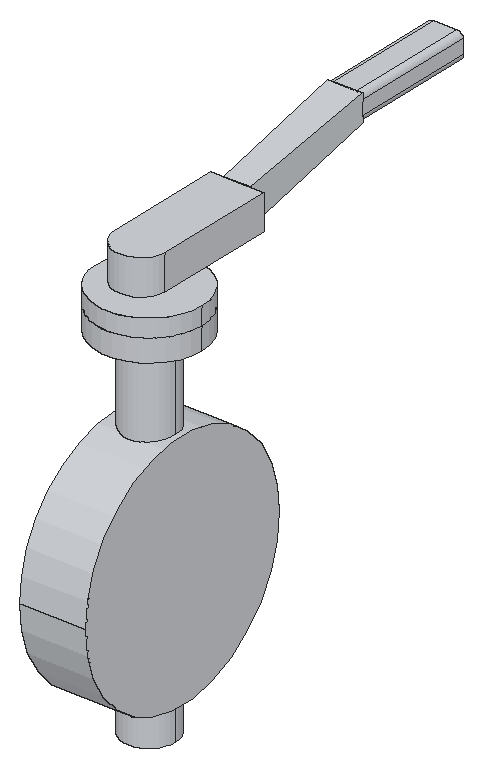
Revit family "HS497-68_disk-nerez_s pákou DN150-RFA_2018", category Pipe Accessories, Revit 2018
Family settings
  Round Connector Dimension = Use Diameter
  Part Type = Valve - Breaks Into
  Work Plane-Based = No
  Always vertical = Yes
  Cut with Voids When Loaded = No
  Shared = No
Parameters (values of type "HS 497-68_DN150_PN16_s pákou")
  magiProductId = "4d2835523fe84828bc50ff0a5a0dfb"
  magiProductFamilyId = "53cea81e6f374d17b8841d9c72ad77"
  magiPartTypeId = 305
  isMeasuringValve [instance] = no
  ang2D [instance] = 0.00°
  X11 = 61.456 mm
  X1 = 25.456 mm
  W2D = 1000 mm
  VersionID = "2.0/2017.9.26.1/ZETKAMA_497_001"
  Use Minimum Symbol Size [instance] = yes
  URL = "http://www.hydronic.cz"
  Type Comments = "mezipřírubová; nerezový disk; PN16; -10~+110°C (krátkodobě +120°C)"
  SW30 = no
  SW3 = no
  SW21 = no
  SW20 = yes
  SW2 = yes
  SW1 = no
  R = 75 mm
  QmdConnectorList = "301;D;302;D"
  Productdata [instance] = ""
  NC = 50 mm
  Manufacturer = "Hydronic Systems Prague s.r.o."
  MM20 = 25.456 mm
  MC Product Code = "121 150 (nerezový disk, s pákou; DN150; PN16, kvs1347)"
  M41 = 66 mm
  M4 = 44 mm
  LHL = 315 mm
  LHH3 = 3.75 mm
  LHH1 = 71.25 mm
  LH1 = 105 mm
  L4R__ve = -L4R  # -12.8 mm
  L4R = 12.8 mm
  L42__ve = -L42  # -96 mm
  L42 = 96 mm
  L41__ve = -L41  # -19.2 mm
  L41 = 19.2 mm
  L2D_Min = 3048 mm
  L2D = 216 mm
  L2 = 28 mm
  L1 = 44.8 mm
  L = 56 mm
  H = 33 mm
  G22 = 11.25 mm
  G2 = 22.5 mm
  G1 = 90 mm
  G = 90 mm
  F = 14 mm
  E44 = 31.25 mm
  E42 = 62.5 mm
  E4 = 125 mm
  E23 = 7.5 mm
  E22 = 30 mm
  E21 = 15 mm
  Description = "Mezipřírubová uzavírací klapka s pákou; nerezový disk, DN150; PN16; kvs1347"
  DR2 = 75 mm
  DR = 206 mm
  DD1 = 15.625 mm
  DD = 12.5 mm
  D = 150 mm
  CAT0 = yes
  B2__ve = -B2  # -58 mm
  B2 = 58 mm
  A2 = 19.3 mm
  A1 = 98.7 mm
Types (43, lengths in mm): name | magiProductId | X11 | X1 | Type Comments | SW30 | SW3 | SW20 | SW2 | SW1 | R | NC | Manufacturer | MM20 | MC Product Code | M41 | M4 | LHL | LHH3 | LHH1 | LH1 | L4R__ve | L4R | L42__ve | L42 | L41__ve | L41 | L2 | L1 | L | H | G | F | E44 | E42 | E4 | E23 | E22 | E21 | Description | DR2 | DR | DD1 | DD | D | B2__ve | B2 | A2 | A1
  HS 497-68_DN100_PN16_volné vřeteno | "65d1b245f4f142c78569c0602d5754" | 61.456 | 25.456 | "mezipřírubová; nerezový disk; PN16; -10~+110°C (krátkodobě +120°C)" | no | no | no | no | yes | 50 | 50 | "Hydronic Systems Prague s.r.o." | 25.456 | "124 100 (nerezový disk, s volným vřetenem; DN100; PN16, kvs512)" | 66 | 44 | 220 | 2.45 | 46.55 | 73.333 | -12.8 | 12.8 | -96 | 96 | -19.2 | 19.2 | 26 | 41.6 | 52 | 30 | 90 | 11 | 31.25 | 62.5 | 125 | 4.9 | 19.6 | 9.8 | "Mezipřírubová uzavírací klapka s volným vřetenem; nerezový disk, DN100; PN16; kvs512" | 50 | 147 | 15.625 | 12.5 | 100 | -56 | 56 | 16.5 | 98.5
  HS 497-68_DN100_PN16_převodové kolo | "11e91b807e674d428c8e796fcdcfe2" | 61.456 | 25.456 | "mezipřírubová; nerezový disk; PN16; -10~+110°C (krátkodobě +120°C)" | yes | yes | no | no | no | 50 | 50 | "Hydronic Systems Prague s.r.o." | 25.456 | "126 100 (nerezový disk, s převodovým kolem; DN100; PN16, kvs512)" | 65.25 | 43.5 | 220 | 2.45 | 46.55 | 73.333 | -12.8 | 12.8 | -96 | 96 | -19.2 | 19.2 | 26 | 41.6 | 52 | 30 | 90 | 11 | 31.25 | 62.5 | 125 | 4.9 | 19.6 | 9.8 | "Mezipřírubová uzavírací klapka s převodovým kolem; nerezový disk, DN100; PN16; kvs512" | 50 | 147 | 15.625 | 12.5 | 100 | -56 | 56 | 16.5 | 98.5
  HS 497-68_DN100_PN16_s pákou | "28172f0b3f4b47b28323ac71cf8749" | 61.456 | 25.456 | "mezipřírubová; nerezový disk; PN16; -10~+110°C (krátkodobě +120°C)" | no | no | yes | yes | no | 50 | 50 | "Hydronic Systems Prague s.r.o." | 25.456 | "121 100 (nerezový disk, s pákou; DN100; PN16, kvs512)" | 66 | 44 | 260 | 3 | 57 | 86.667 | -12.8 | 12.8 | -96 | 96 | -19.2 | 19.2 | 26 | 41.6 | 52 | 30 | 90 | 11 | 31.25 | 62.5 | 125 | 6 | 24 | 12 | "Mezipřírubová uzavírací klapka s pákou; nerezový disk, DN100; PN16; kvs512" | 50 | 147 | 15.625 | 12.5 | 100 | -56 | 56 | 16.5 | 98.5
  HS 497-68_DN125_PN16_volné vřeteno | "0d813d910fc14f628bb3c2efbd185c" | 61.456 | 25.456 | "mezipřírubová; nerezový disk; PN16; -10~+110°C (krátkodobě +120°C)" | no | no | no | no | yes | 62.5 | 50 | "Hydronic Systems Prague s.r.o." | 25.456 | "124 125 (nerezový disk, s volným vřetenem; DN125; PN16, kvs872)" | 66 | 44 | 220 | 2.45 | 46.55 | 73.333 | -12.8 | 12.8 | -96 | 96 | -19.2 | 19.2 | 28 | 44.8 | 56 | 33 | 90 | 14 | 31.25 | 62.5 | 125 | 4.9 | 19.6 | 9.8 | "Mezipřírubová uzavírací klapka s volným vřetenem; nerezový disk, DN125; PN16; kvs872" | 62.5 | 180 | 15.625 | 12.5 | 125 | -64 | 64 | 18 | 99.5
  HS 497-68_DN125_PN16_převodové kolo | "c56b7c13f372467684996fb1e0e229" | 61.456 | 25.456 | "mezipřírubová; nerezový disk; PN16; -10~+110°C (krátkodobě +120°C)" | yes | yes | no | no | no | 62.5 | 50 | "Hydronic Systems Prague s.r.o." | 25.456 | "126125 (nerezový disk, s převodovým kolem; DN125; PN16, kvs872)" | 65.25 | 43.5 | 220 | 2.45 | 46.55 | 73.333 | -13.5 | 13.5 | -101.25 | 101.25 | -20.25 | 20.25 | 28 | 44.8 | 56 | 33 | 90 | 14 | 40 | 80 | 160 | 4.9 | 19.6 | 9.8 | "Mezipřírubová uzavírací klapka s převodovým kolem; nerezový disk, DN125; PN16; kvs872" | 62.5 | 180 | 20 | 16 | 125 | -64 | 64 | 18 | 99.5
  HS 497-68_DN125_PN16_s pákou | "105993c79a91492399feef7931321a" | 61.456 | 25.456 | "mezipřírubová; nerezový disk; PN16; -10~+110°C (krátkodobě +120°C)" | no | no | yes | yes | no | 62.5 | 50 | "Hydronic Systems Prague s.r.o." | 25.456 | "121 125 (nerezový disk, s pákou; DN125; PN16, kvs872)" | 66 | 44 | 315 | 3.75 | 71.25 | 105 | -12.8 | 12.8 | -96 | 96 | -19.2 | 19.2 | 28 | 44.8 | 56 | 33 | 90 | 14 | 31.25 | 62.5 | 125 | 7.5 | 30 | 15 | "Mezipřírubová uzavírací klapka s pákou; nerezový disk, DN125; PN16; kvs872" | 62.5 | 180 | 15.625 | 12.5 | 125 | -64 | 64 | 18 | 99.5
  HS 497-68_DN150_PN16_volné vřeteno | "50c80cb8ab434f55ab7796e5ac1331" | 61.456 | 25.456 | "mezipřírubová; nerezový disk; PN16; -10~+110°C (krátkodobě +120°C)" | no | no | no | no | yes | 75 | 50 | "Hydronic Systems Prague s.r.o." | 25.456 | "124 150 (nerezový disk, s volným vřetenem; DN150; PN16, kvs1347)" | 66 | 44 | 220 | 2.45 | 46.55 | 73.333 | -12.8 | 12.8 | -96 | 96 | -19.2 | 19.2 | 28 | 44.8 | 56 | 33 | 90 | 14 | 31.25 | 62.5 | 125 | 4.9 | 19.6 | 9.8 | "Mezipřírubová uzavírací klapka s volným vřetenem; nerezový disk, DN150; PN16; kvs1347" | 75 | 206 | 15.625 | 12.5 | 150 | -58 | 58 | 19.3 | 98.7
  HS 497-68_DN150_PN16_převodové kolo | "d94a1a0cf83b476eb10011b327f709" | 61.456 | 25.456 | "mezipřírubová; nerezový disk; PN16; -10~+110°C (krátkodobě +120°C)" | yes | yes | no | no | no | 75 | 50 | "Hydronic Systems Prague s.r.o." | 25.456 | "126 150 (nerezový disk, s převodovým kolem; DN150; PN16, kvs1347)" | 65.25 | 43.5 | 220 | 2.45 | 46.55 | 73.333 | -13.5 | 13.5 | -101.25 | 101.25 | -20.25 | 20.25 | 28 | 44.8 | 56 | 33 | 90 | 14 | 40 | 80 | 160 | 4.9 | 19.6 | 9.8 | "Mezipřírubová uzavírací klapka s převodovým kolem; nerezový disk, DN150; PN16; kvs1347" | 75 | 206 | 20 | 16 | 150 | -58 | 58 | 19.3 | 98.7
  HS 497-68_DN150_PN16_s pákou | "4d2835523fe84828bc50ff0a5a0dfb" | 61.456 | 25.456 | "mezipřírubová; nerezový disk; PN16; -10~+110°C (krátkodobě +120°C)" | no | no | yes | yes | no | 75 | 50 | "Hydronic Systems Prague s.r.o." | 25.456 | "121 150 (nerezový disk, s pákou; DN150; PN16, kvs1347)" | 66 | 44 | 315 | 3.75 | 71.25 | 105 | -12.8 | 12.8 | -96 | 96 | -19.2 | 19.2 | 28 | 44.8 | 56 | 33 | 90 | 14 | 31.25 | 62.5 | 125 | 7.5 | 30 | 15 | "Mezipřírubová uzavírací klapka s pákou; nerezový disk, DN150; PN16; kvs1347" | 75 | 206 | 15.625 | 12.5 | 150 | -58 | 58 | 19.3 | 98.7
  HS 497-68_DN200_PN16_volné vřeteno | "5b29029eaeba47139ee1055a4b9201" | 61.456 | 25.456 | "mezipřírubová; nerezový disk; PN16; -10~+110°C (krátkodobě +120°C)" | no | no | no | no | yes | 100 | 50 | "Hydronic Systems Prague s.r.o." | 25.456 | "124 200 (nerezový disk, s volným vřetenem; DN200; PN16, kvs2675)" | 66 | 44 | 220 | 2.45 | 46.55 | 73.333 | -12.8 | 12.8 | -96 | 96 | -19.2 | 19.2 | 30 | 48 | 60 | 33 | 90 | 17 | 31.25 | 62.5 | 125 | 4.9 | 19.6 | 9.8 | "Mezipřírubová uzavírací klapka s volným vřetenem; nerezový disk, DN200; PN16; kvs2675" | 100 | 257 | 15.625 | 12.5 | 200 | -70 | 70 | 22.5 | 102.5
  HS 497-68_DN200_PN16_převodové kolo | "b2793cc1fcc44cf2a35062cd67c04f" | 61.456 | 25.456 | "mezipřírubová; nerezový disk; PN16; -10~+110°C (krátkodobě +120°C)" | yes | yes | no | no | no | 100 | 57 | "Hydronic Systems Prague s.r.o." | 25.456 | "126 200 (nerezový disk, s převodovým kolem; DN200; PN16, kvs2675)" | 78.75 | 52.5 | 220 | 2.45 | 46.55 | 73.333 | -15.2 | 15.2 | -114 | 114 | -22.8 | 22.8 | 30 | 48 | 60 | 33 | 90 | 17 | 50 | 100 | 200 | 4.9 | 19.6 | 9.8 | "Mezipřírubová uzavírací klapka s převodovým kolem; nerezový disk, DN200; PN16; kvs2675" | 100 | 257 | 25 | 20 | 200 | -70 | 70 | 22.5 | 102.5
  HS 497-68_DN200_PN16_s pákou | "f88d96c7af224537a51e72d7d8fffe" | 61.456 | 25.456 | "mezipřírubová; nerezový disk; PN16; -10~+110°C (krátkodobě +120°C)" | no | no | yes | yes | no | 100 | 50 | "Hydronic Systems Prague s.r.o." | 25.456 | "121 200 (nerezový disk, s pákou; DN200; PN16, kvs2675)" | 66 | 44 | 315 | 3.75 | 71.25 | 105 | -12.8 | 12.8 | -96 | 96 | -19.2 | 19.2 | 30 | 48 | 60 | 33 | 90 | 17 | 31.25 | 62.5 | 125 | 7.5 | 30 | 15 | "Mezipřírubová uzavírací klapka s pákou; nerezový disk, DN200; PN16; kvs2675" | 100 | 257 | 15.625 | 12.5 | 200 | -70 | 70 | 22.5 | 102.5
  HS 497-68_DN250_PN16_volné vřeteno | "b662e8305ca2402b9c510e66e6aa55" | 88.77 | 36.77 | "mezipřírubová; nerezový disk; PN16; -10~+110°C (krátkodobě +120°C)" | no | no | no | no | yes | 125 | 50 | "Hydronic Systems Prague s.r.o." | 36.77 | "124 250 (nerezový disk, s volným vřetenem; DN250; PN16, kvs4555)" | 66 | 44 | 220 | 2.45 | 46.55 | 73.333 | -12.8 | 12.8 | -96 | 96 | -19.2 | 19.2 | 34 | 54.4 | 68 | 23 | 130 | 22 | 31.25 | 62.5 | 125 | 4.9 | 19.6 | 9.8 | "Mezipřírubová uzavírací klapka s volným vřetenem; nerezový disk, DN250; PN16; kvs4555" | 125 | 324 | 15.625 | 12.5 | 250 | -85 | 85 | 28.25 | 129.25
  HS 497-68_DN250_PN16_převodové kolo | "5ee9016806664ddfaa2632711f295c" | 88.77 | 36.77 | "mezipřírubová; nerezový disk; PN16; -10~+110°C (krátkodobě +120°C)" | yes | yes | no | no | no | 125 | 70 | "Hydronic Systems Prague s.r.o." | 36.77 | "126 250 (nerezový disk, s převodovým kolem; DN250; PN16, kvs4555)" | 91.5 | 61 | 220 | 2.45 | 46.55 | 73.333 | -22.2 | 22.2 | -166.5 | 166.5 | -33.3 | 33.3 | 34 | 54.4 | 68 | 23 | 130 | 22 | 62.5 | 125 | 250 | 4.9 | 19.6 | 9.8 | "Mezipřírubová uzavírací klapka s převodovým kolem; nerezový disk, DN250; PN16; kvs4555" | 125 | 324 | 31.25 | 25 | 250 | -85 | 85 | 28.25 | 129.25
  HS 497-68_DN300_PN16_volné vřeteno | "e1886f51ff004380a649519258edf2" | 88.77 | 36.77 | "mezipřírubová; nerezový disk; PN16; -10~+110°C (krátkodobě +120°C)" | no | no | no | no | yes | 150 | 50 | "Hydronic Systems Prague s.r.o." | 36.77 | "124 300 (nerezový disk, s volným vřetenem; DN300; PN16, kvs7037)" | 66 | 44 | 220 | 2.45 | 46.55 | 73.333 | -12.8 | 12.8 | -96 | 96 | -19.2 | 19.2 | 39 | 62.4 | 78 | 23 | 130 | 22 | 31.25 | 62.5 | 125 | 4.9 | 19.6 | 9.8 | "Mezipřírubová uzavírací klapka s volným vřetenem; nerezový disk, DN300; PN16; kvs7037" | 150 | 376 | 15.625 | 12.5 | 300 | -90 | 90 | 30.8 | 127.2
  HS 497-68_DN300_PN16_převodové kolo | "6860f094f77d42088fbebc3c97f755" | 88.77 | 36.77 | "mezipřírubová; nerezový disk; PN16; -10~+110°C (krátkodobě +120°C)" | yes | yes | no | no | no | 150 | 70 | "Hydronic Systems Prague s.r.o." | 36.77 | "126 300 (nerezový disk, s převodovým kolem; DN300; PN16, kvs7037)" | 91.5 | 61 | 220 | 2.45 | 46.55 | 73.333 | -22.2 | 22.2 | -166.5 | 166.5 | -33.3 | 33.3 | 39 | 62.4 | 78 | 23 | 130 | 22 | 62.5 | 125 | 250 | 4.9 | 19.6 | 9.8 | "Mezipřírubová uzavírací klapka s převodovým kolem; nerezový disk, DN300; PN16; kvs7037" | 150 | 376 | 31.25 | 25 | 300 | -90 | 90 | 30.8 | 127.2
  HS 497-68_DN032_PN16_volné vřeteno | "8c5f65de52aa4067a77564107e31b2" | 61.456 | 25.456 | "mezipřírubová; nerezový disk; PN16; -10~+110°C (krátkodobě +120°C)" | no | no | no | no | yes | 16 | 50 | "Hydronic Systems Prague s.r.o." | 25.456 | "124 032 (nerezový disk, s volným vřetenem; DN32; PN16, kvs78)" | 66 | 44 | 220 | 2.45 | 46.55 | 73.333 | -12.8 | 12.8 | -96 | 96 | -19.2 | 19.2 | 16.5 | 26.4 | 33 | 30 | 90 | 11 | 31.25 | 62.5 | 125 | 4.9 | 19.6 | 9.8 | "Mezipřírubová uzavírací klapka s volným vřetenem; nerezový disk, DN32; PN16; kvs78" | 16 | 68 | 15.625 | 12.5 | 32 | -44.2 | 44.2 | 10.25 | 76.25
  HS 497-68_DN032_PN16_převodové kolo | "60aaeffa8b3a4e809ef000e4660060" | 61.456 | 25.456 | "mezipřírubová; nerezový disk; PN16; -10~+110°C (krátkodobě +120°C)" | yes | yes | no | no | no | 16 | 50 | "Hydronic Systems Prague s.r.o." | 25.456 | "126 032 (nerezový disk, s převodovým kolem; DN32; PN16, kvs78)" | 65.25 | 43.5 | 220 | 2.45 | 46.55 | 73.333 | -12.8 | 12.8 | -96 | 96 | -19.2 | 19.2 | 16.5 | 26.4 | 33 | 30 | 90 | 11 | 31.25 | 62.5 | 125 | 4.9 | 19.6 | 9.8 | "Mezipřírubová uzavírací klapka s převodovým kolem; nerezový disk, DN32; PN16; kvs78" | 16 | 68 | 15.625 | 12.5 | 32 | -44.2 | 44.2 | 10.25 | 76.25
  HS 497-68_DN032_PN16_s pákou | "9ad8088d610749a1b871aa2aad8007" | 61.456 | 25.456 | "mezipřírubová; nerezový disk; PN16; -10~+110°C (krátkodobě +120°C)" | no | no | yes | yes | no | 16 | 50 | "Hydronic Systems Prague s.r.o." | 25.456 | "121 032 (nerezový disk, s pákou; DN32; PN16, kvs78)" | 66 | 44 | 220 | 2.45 | 46.55 | 73.333 | -12.8 | 12.8 | -96 | 96 | -19.2 | 19.2 | 16.5 | 26.4 | 33 | 30 | 90 | 11 | 31.25 | 62.5 | 125 | 4.9 | 19.6 | 9.8 | "Mezipřírubová uzavírací klapka s pákou; nerezový disk, DN32; PN16; kvs78" | 16 | 68 | 15.625 | 12.5 | 32 | -44.2 | 44.2 | 10.25 | 76.25
  HS 497-68_DN350_PN10_volné vřeteno | "72a1e05f22944421b7e9596a877137" | 109.255 | 45.255 | "mezipřírubová; nerezový disk; PN10; -10~+110°C (krátkodobě +120°C)" | no | no | no | no | yes | 175 | 50 | "Hydronic Systems Prague s.r.o." | 45.255 | "124 350 (nerezový disk, s volným vřetenem; DN350; PN10, kvs10165)" | 66 | 44 | 220 | 2.45 | 46.55 | 73.333 | -12.8 | 12.8 | -96 | 96 | -19.2 | 19.2 | 39 | 62.4 | 78 | 31 | 160 | 22 | 31.25 | 62.5 | 125 | 4.9 | 19.6 | 9.8 | "Mezipřírubová uzavírací klapka s volným vřetenem; nerezový disk, DN350; PN10; kvs10165" | 175 | 430 | 15.625 | 12.5 | 350 | -88 | 88 | 33.85 | 129.65
  HS 497-68_DN350_PN10_převodové kolo | "a5a01426cb28494ba3afca92f1dace" | 109.255 | 45.255 | "mezipřírubová; nerezový disk; PN10; -10~+110°C (krátkodobě +120°C)" | yes | yes | no | no | no | 175 | 70 | "Hydronic Systems Prague s.r.o." | 45.255 | "126 350 (nerezový disk, s převodovým kolem; DN350; PN10, kvs10165)" | 91.5 | 61 | 220 | 2.45 | 46.55 | 73.333 | -22.2 | 22.2 | -166.5 | 166.5 | -33.3 | 33.3 | 39 | 62.4 | 78 | 31 | 160 | 22 | 62.5 | 125 | 250 | 4.9 | 19.6 | 9.8 | "Mezipřírubová uzavírací klapka s převodovým kolem; nerezový disk, DN350; PN10; kvs10165" | 175 | 430 | 31.25 | 25 | 350 | -88 | 88 | 33.85 | 129.65
  HS 497-68_DN400_PN10_volné vřeteno | "c70ebeb927c04ab99b176e257ad0a7" | 109.255 | 45.255 | "mezipřírubová; nerezový disk; PN10; -10~+110°C (krátkodobě +120°C)" | no | no | no | no | yes | 200 | 50 | "Hydronic Systems Prague s.r.o." | 45.255 | "124 400 (nerezový disk, s volným vřetenem; DN400; PN10, kvs13799)" | 66 | 44 | 220 | 2.45 | 46.55 | 73.333 | -12.8 | 12.8 | -96 | 96 | -19.2 | 19.2 | 51 | 81.6 | 102 | 31 | 160 | 27 | 31.25 | 62.5 | 125 | 4.9 | 19.6 | 9.8 | "Mezipřírubová uzavírací klapka s volným vřetenem; nerezový disk, DN400; PN10; kvs13799" | 200 | 485 | 15.625 | 12.5 | 400 | -108 | 108 | 38 | 142
  HS 497-68_DN400_PN10_převodové kolo | "cc64a4384dcb41b780d81810f4f293" | 109.255 | 45.255 | "mezipřírubová; nerezový disk; PN10; -10~+110°C (krátkodobě +120°C)" | yes | yes | no | no | no | 200 | 72.5 | "Hydronic Systems Prague s.r.o." | 45.255 | "126 400 (nerezový disk, s převodovým kolem; DN400; PN10, kvs13799)" | 103.5 | 69 | 220 | 2.45 | 46.55 | 73.333 | -27.8 | 27.8 | -208.5 | 208.5 | -41.7 | 41.7 | 51 | 81.6 | 102 | 31 | 160 | 27 | 75 | 150 | 300 | 4.9 | 19.6 | 9.8 | "Mezipřírubová uzavírací klapka s převodovým kolem; nerezový disk, DN400; PN10; kvs13799" | 200 | 485 | 37.5 | 30 | 400 | -108 | 108 | 38 | 142
  HS 497-68_DN040_PN16_volné vřeteno | "35f92312390745e88df5b5c325d9ee" | 61.456 | 25.456 | "mezipřírubová; nerezový disk; PN16; -10~+110°C (krátkodobě +120°C)" | no | no | no | no | yes | 20 | 50 | "Hydronic Systems Prague s.r.o." | 25.456 | "124 040 (nerezový disk, s volným vřetenem; DN40; PN16, kvs78)" | 66 | 44 | 220 | 2.45 | 46.55 | 73.333 | -12.8 | 12.8 | -96 | 96 | -19.2 | 19.2 | 16.5 | 26.4 | 33 | 30 | 90 | 11 | 31.25 | 62.5 | 125 | 4.9 | 19.6 | 9.8 | "Mezipřírubová uzavírací klapka s volným vřetenem; nerezový disk, DN40; PN16; kvs78" | 20 | 76 | 15.625 | 12.5 | 40 | -36 | 36 | 11 | 79
  HS 497-68_DN040_PN16_převodové kolo | "d88e968eae3445bc9b7b4e6ff35127" | 61.456 | 25.456 | "mezipřírubová; nerezový disk; PN16; -10~+110°C (krátkodobě +120°C)" | yes | yes | no | no | no | 20 | 50 | "Hydronic Systems Prague s.r.o." | 25.456 | "126 040 (nerezový disk, s převodovým kolem; DN40; PN16, kvs78)" | 65.25 | 43.5 | 220 | 2.45 | 46.55 | 73.333 | -12.8 | 12.8 | -96 | 96 | -19.2 | 19.2 | 16.5 | 26.4 | 33 | 30 | 90 | 11 | 31.25 | 62.5 | 125 | 4.9 | 19.6 | 9.8 | "Mezipřírubová uzavírací klapka s převodovým kolem; nerezový disk, DN40; PN16; kvs78" | 20 | 76 | 15.625 | 12.5 | 40 | -36 | 36 | 11 | 79
  HS 497-68_DN040_PN16_s pákou | "c1b522ca65b4407a98818f232eaacb" | 61.456 | 25.456 | "mezipřírubová; nerezový disk; PN16; -10~+110°C (krátkodobě +120°C)" | no | no | yes | yes | no | 20 | 50 | "Hydronic Systems Prague s.r.o." | 25.456 | "121 040 (nerezový disk, s pákou; DN40; PN16, kvs78)" | 66 | 44 | 220 | 2.45 | 46.55 | 73.333 | -12.8 | 12.8 | -96 | 96 | -19.2 | 19.2 | 16.5 | 26.4 | 33 | 30 | 90 | 11 | 31.25 | 62.5 | 125 | 4.9 | 19.6 | 9.8 | "Mezipřírubová uzavírací klapka s pákou; nerezový disk, DN40; PN16; kvs78" | 20 | 76 | 15.625 | 12.5 | 40 | -36 | 36 | 11 | 79
  HS 497-68_DN450_PN10_volné vřeteno | "a8358bc282f14872b3194e530e590a" | 129.74 | 53.74 | "mezipřírubová; nerezový disk; PN10; -10~+110°C (krátkodobě +120°C)" | no | no | no | no | yes | 225 | 50 | "Hydronic Systems Prague s.r.o." | 53.74 | "124 450 (nerezový disk, s volným vřetenem; DN450; PN10, kvs18514)" | 66 | 44 | 220 | 2.45 | 46.55 | 73.333 | -12.8 | 12.8 | -96 | 96 | -19.2 | 19.2 | 57 | 91.2 | 114 | 38 | 190 | 36 | 31.25 | 62.5 | 125 | 4.9 | 19.6 | 9.8 | "Mezipřírubová uzavírací klapka s volným vřetenem; nerezový, DN450; PN10; kvs18514" | 225 | 536 | 15.625 | 12.5 | 450 | -115 | 115 | 38.05 | 117.45
  HS 497-68_DN450_PN10_převodové kolo | "cdf2d80f54a9414f9cbe50647c0ebd" | 129.74 | 53.74 | "mezipřírubová; nerezový disk; PN10; -10~+110°C (krátkodobě +120°C)" | yes | yes | no | no | no | 225 | 91.5 | "Zetkama" | 53.74 | "126 450 (nerezový disk, s převodovým kolem; DN450; PN10, kvs18514)" | 144.75 | 96.5 | 220 | 2.45 | 46.55 | 73.333 | -32.1 | 32.1 | -240.75 | 240.75 | -48.15 | 48.15 | 57 | 91.2 | 114 | 38 | 190 | 36 | 100 | 200 | 400 | 4.9 | 19.6 | 9.8 | "Mezipřírubová uzavírací klapka s převodovým kolem; nerezový disk, DN450; PN10; kvs18514" | 225 | 536 | 50 | 40 | 450 | -115 | 115 | 38.05 | 117.45
  HS 497-68_DN500_PN10_volné vřeteno | "8c396e27bb2743f98f3c762b6517cd" | 143.397 | 59.397 | "mezipřírubová; nerezový disk; PN10; -10~+110°C (krátkodobě +120°C)" | no | no | no | no | yes | 250 | 50 | "Hydronic Systems Prague s.r.o." | 59.397 | "124 500 (nerezový disk, s volným vřetenem; DN500; PN10, kvs23805)" | 66 | 44 | 220 | 2.45 | 46.55 | 73.333 | -12.8 | 12.8 | -96 | 96 | -19.2 | 19.2 | 63.5 | 101.6 | 127 | 38 | 210 | 36 | 31.25 | 62.5 | 125 | 4.9 | 19.6 | 9.8 | "Mezipřírubová uzavírací klapka s volným vřetenem; nerezový disk, DN500; PN10; kvs23805" | 250 | 593 | 15.625 | 12.5 | 500 | -130 | 130 | 43.25 | 139.25
  HS 497-68_DN500_PN10_převodové kolo | "7647804f32e94cef828a7034a91a46" | 143.397 | 59.397 | "mezipřírubová; nerezový disk; PN10; -10~+110°C (krátkodobě +120°C)" | yes | yes | no | no | no | 250 | 91.5 | "Zetkama" | 59.397 | "126 500 (nerezový disk, s převodovým kolem; DN500; PN10, kvs23805)" | 144.75 | 96.5 | 220 | 2.45 | 46.55 | 73.333 | -32.1 | 32.1 | -240.75 | 240.75 | -48.15 | 48.15 | 63.5 | 101.6 | 127 | 38 | 210 | 36 | 100 | 200 | 400 | 4.9 | 19.6 | 9.8 | "Mezipřírubová uzavírací klapka s převodovým kolem; nerezový disk, DN500; PN10; kvs23805" | 250 | 593 | 50 | 40 | 500 | -130 | 130 | 43.25 | 139.25
  HS 497-68_DN050_volné vřeteno | "d71f296ecd6d4adf8f6e5d9853b4e0" | 61.456 | 25.456 | "mezipřírubová; nerezový disk; PN16; -10~+110°C (krátkodobě +120°C)" | no | no | no | no | yes | 25 | 50 | "Hydronic Systems Prague s.r.o." | 25.456 | "124 050 (nerezový disk, s volným vřetenem; DN50; PN16, kvs98)" | 66 | 44 | 220 | 2.45 | 46.55 | 73.333 | -12.8 | 12.8 | -96 | 96 | -19.2 | 19.2 | 21.5 | 34.4 | 43 | 30 | 90 | 11 | 31.25 | 62.5 | 125 | 4.9 | 19.6 | 9.8 | "Mezipřírubová uzavírací klapka s volným vřetenem; nerezový disk, DN50; PN16; kvs98" | 25 | 100 | 15.625 | 12.5 | 50 | -36.5 | 36.5 | 12 | 83
  HS 497-68_DN050_PN16_převodové kolo | "2fb080deeaed49c58418b94c1da5a4" | 61.456 | 25.456 | "mezipřírubová; nerezový disk; PN16; -10~+110°C (krátkodobě +120°C)" | yes | yes | no | no | no | 25 | 50 | "Hydronic Systems Prague s.r.o." | 25.456 | "126 050 (nerezový disk, s převodovým kolem; DN50; PN16, kvs98)" | 65.25 | 43.5 | 220 | 2.45 | 46.55 | 73.333 | -12.8 | 12.8 | -96 | 96 | -19.2 | 19.2 | 21.5 | 34.4 | 43 | 30 | 90 | 11 | 31.25 | 62.5 | 125 | 4.9 | 19.6 | 9.8 | "Mezipřírubová uzavírací klapka s převodovým kolem; nerezový disk, DN50; PN16; kvs98" | 25 | 100 | 15.625 | 12.5 | 50 | -36.5 | 36.5 | 12 | 83
  HS 497-68_DN050_PN16_s pákou | "dabc632061f94877a994b9b4e68112" | 61.456 | 25.456 | "mezipřírubová; nerezový disk; PN16; -10~+110°C (krátkodobě +120°C)" | no | no | yes | yes | no | 25 | 50 | "Hydronic Systems Prague s.r.o." | 25.456 | "121 050 (nerezový disk, s pákou; DN50; PN16, kvs98)" | 66 | 44 | 220 | 2.45 | 46.55 | 73.333 | -12.8 | 12.8 | -96 | 96 | -19.2 | 19.2 | 21.5 | 34.4 | 43 | 30 | 90 | 11 | 31.25 | 62.5 | 125 | 4.9 | 19.6 | 9.8 | "Mezipřírubová uzavírací klapka s pákou; nerezový disk, DN50; PN16; kvs98" | 25 | 100 | 15.625 | 12.5 | 50 | -36.5 | 36.5 | 12 | 83
  HS 497-68_DN600_PN10_volné vřeteno | "99d5892c14664fce81a7c5903f7711" | 143.397 | 59.397 | "mezipřírubová; nerezový disk; PN10; -10~+110°C (krátkodobě +120°C)" | no | no | no | no | yes | 300 | 50 | "Hydronic Systems Prague s.r.o." | 59.397 | "124 600 (nerezový disk, s volným vřetenem; DN600; PN10, kvs36778)" | 66 | 44 | 220 | 2.45 | 46.55 | 73.333 | -12.8 | 12.8 | -96 | 96 | -19.2 | 19.2 | 77 | 123.2 | 154 | 80 | 210 | 60 | 31.25 | 62.5 | 125 | 4.9 | 19.6 | 9.8 | "Mezipřírubová uzavírací klapka s volným vřetenem; nerezový disk, DN600; PN10; kvs36788" | 300 | 690 | 15.625 | 12.5 | 600 | -140 | 140 | 49.4 | 144.6
  HS 497-68_DN600_PN10_převodové kolo | "b1e26faab48a4c499f6bb11e7e3002" | 143.397 | 59.397 | "mezipřírubová; lnerezový disk; PN10; -10~+110°C (krátkodobě +120°C)" | yes | yes | no | no | no | 300 | 140 | "Hydronic Systems Prague s.r.o." | 59.397 | "126 600 (nerezový disk, s převodovým kolem; DN600; PN10, kvs36778)" | 206.25 | 137.5 | 220 | 2.45 | 46.55 | 73.333 | -40.8 | 40.8 | -306 | 306 | -61.2 | 61.2 | 77 | 123.2 | 154 | 80 | 210 | 60 | 125 | 250 | 500 | 4.9 | 19.6 | 9.8 | "Mezipřírubová uzavírací klapka s převodovým kolem; nerezový disk, DN600; PN10; kvs36788" | 300 | 690 | 62.5 | 50 | 600 | -140 | 140 | 49.4 | 144.6
  HS 497-68_DN065_PN16_volné vřeteno | "5e5e208646e34ec29f889baab5d08e" | 61.456 | 25.456 | "mezipřírubová; lnerezový disk; PN16; -10~+110°C (krátkodobě +120°C)" | no | no | no | no | yes | 32.5 | 50 | "Hydronic Systems Prague s.r.o." | 25.456 | "124 065 (nerezový disk, s volným vřetenem; DN65; PN16, kvs167)" | 66 | 44 | 220 | 2.45 | 46.55 | 73.333 | -12.8 | 12.8 | -96 | 96 | -19.2 | 19.2 | 23 | 36.8 | 46 | 30 | 90 | 11 | 31.25 | 62.5 | 125 | 4.9 | 19.6 | 9.8 | "Mezipřírubová uzavírací klapka s volným vřetenem; nerezový disk, DN65; PN16; kv167" | 32.5 | 108 | 15.625 | 12.5 | 65 | -36.5 | 36.5 | 13.5 | 89
  HS 497-68_DN065_PN16_převodové kolo | "654d74c8d15540b0bfe523d988ccb3" | 61.456 | 25.456 | "mezipřírubová; nerezový disk; PN16; -10~+110°C (krátkodobě +120°C)" | yes | yes | no | no | no | 32.5 | 50 | "Hydronic Systems Prague s.r.o." | 25.456 | "126 065 (nerezový disk, s převodovým kolem; DN65; PN16, kvs167)" | 65.25 | 43.5 | 220 | 2.45 | 46.55 | 73.333 | -12.8 | 12.8 | -96 | 96 | -19.2 | 19.2 | 23 | 36.8 | 46 | 30 | 90 | 11 | 31.25 | 62.5 | 125 | 4.9 | 19.6 | 9.8 | "Mezipřírubová uzavírací klapka s převodovým kolem; nerezový disk, DN65; PN16; kvs167" | 32.5 | 108 | 15.625 | 12.5 | 65 | -36.5 | 36.5 | 13.5 | 89
  HS 497-68_DN065_PN16_s pákou | "ebeb4b59db0641caaf6d6635ab37b9" | 61.456 | 25.456 | "mezipřírubová; nerezový disk; PN16; -10~+110°C (krátkodobě +120°C)" | no | no | yes | yes | no | 32.5 | 50 | "Hydronic Systems Prague s.r.o." | 25.456 | "121 065 (nerezový disk, s pákou; DN65; PN16, kvs167)" | 66 | 44 | 220 | 2.45 | 46.55 | 73.333 | -12.8 | 12.8 | -96 | 96 | -19.2 | 19.2 | 23 | 36.8 | 46 | 30 | 90 | 11 | 31.25 | 62.5 | 125 | 4.9 | 19.6 | 9.8 | "Mezipřírubová uzavírací klapka s pákou; nerezový disk, DN65; PN16; kvs167" | 32.5 | 108 | 15.625 | 12.5 | 65 | -36.5 | 36.5 | 13.5 | 89
  HS 497-68_DN080_PN16_volné vřeteno | "9e85c75c18654e1185a9c48ed6b00e" | 61.456 | 25.456 | "mezipřírubová; nerezový disk; PN16; -10~+110°C (krátkodobě +120°C)" | no | no | no | no | yes | 40 | 50 | "Hydronic Systems Prague s.r.o." | 25.456 | "124 080 (nerezový disk, s volným vřetenem; DN80; PN16, kvs258)" | 66 | 44 | 220 | 2.45 | 46.55 | 73.333 | -12.8 | 12.8 | -96 | 96 | -19.2 | 19.2 | 23 | 36.8 | 46 | 30 | 90 | 11 | 31.25 | 62.5 | 125 | 4.9 | 19.6 | 9.8 | "Mezipřírubová uzavírací klapka s volným vřetenem; nerezový disk, DN80; PN16; kvs258" | 40 | 124 | 15.625 | 12.5 | 80 | -54 | 54 | 14.1 | 86.9
  HS 497-68_DN080_PN16_převodové kolo | "5b3c8238c3d041e68c75b199e7ea46" | 61.456 | 25.456 | "mezipřírubová; nerezový disk; PN16; -10~+110°C (krátkodobě +120°C)" | yes | yes | no | no | no | 40 | 50 | "Hydronic Systems Prague s.r.o." | 25.456 | "126 080 (nerezový disk, s převodovým kolem; DN80; PN16, kvs258)" | 65.25 | 43.5 | 220 | 2.45 | 46.55 | 73.333 | -12.8 | 12.8 | -96 | 96 | -19.2 | 19.2 | 23 | 36.8 | 46 | 30 | 90 | 11 | 31.25 | 62.5 | 125 | 4.9 | 19.6 | 9.8 | "Mezipřírubová uzavírací klapka s převodovým kolem; nerezový disk, DN80; PN16; kvs258" | 40 | 124 | 15.625 | 12.5 | 80 | -54 | 54 | 14.1 | 86.9
  HS 497-68_DN080_PN16_s pákou | "e414795fab0f4eccb99bc3572c5477" | 61.456 | 25.456 | "mezipřírubová; nerezový disk; PN16; -10~+110°C (krátkodobě +120°C)" | no | no | yes | yes | no | 40 | 50 | "Hydronic Systems Prague s.r.o." | 25.456 | "121 080 (nerezový disk, s pákou; DN80; PN16, kvs258)" | 66 | 44 | 260 | 3 | 57 | 86.667 | -12.8 | 12.8 | -96 | 96 | -19.2 | 19.2 | 23 | 36.8 | 46 | 30 | 90 | 11 | 31.25 | 62.5 | 125 | 6 | 24 | 12 | "Mezipřírubová uzavírací klapka s pákou; nerezový disk, DN80; PN16; kvs258" | 40 | 124 | 15.625 | 12.5 | 80 | -54 | 54 | 14.1 | 86.9
  HS 497-68_DN250_PN16_s pákou | "" | 88.77 | 36.77 | "mezipřírubová; nerezový disk; PN16; -10~+110°C (krátkodobě +120°C)" | no | no | yes | yes | no | 125 | 70 | "Hydronic Systems Prague s.r.o." | 36.77 | "121 250 (nerezový disk, s ákou; DN250; PN16, kvs4555)" | 91.5 | 61 | 220 | 2.45 | 46.55 | 73.333 | -22.2 | 22.2 | -166.5 | 166.5 | -33.3 | 33.3 | 34 | 54.4 | 68 | 23 | 130 | 22 | 62.5 | 125 | 250 | 4.9 | 19.6 | 9.8 | "Mezipřírubová uzavírací klapka s pákou; nerezový disk, DN250; PN16; kvs4555" | 125 | 324 | 31.25 | 25 | 250 | -85 | 85 | 28.25 | 129.25
  HS 497-68_DN300_PN16_s pákou | "" | 88.77 | 36.77 | "mezipřírubová; nerezový disk; PN16; -10~+110°C (krátkodobě +120°C)" | no | no | yes | yes | no | 150 | 70 | "Hydronic Systems Prague s.r.o." | 36.77 | "121 300 (nerezový disk, s pákou; DN300; PN16, kvs7037)" | 91.5 | 61 | 220 | 2.45 | 46.55 | 73.333 | -22.2 | 22.2 | -166.5 | 166.5 | -33.3 | 33.3 | 39 | 62.4 | 78 | 23 | 130 | 22 | 62.5 | 125 | 250 | 4.9 | 19.6 | 9.8 | "Mezipřírubová uzavírací klapka s pákou; nerezový disk, DN300; PN16; kvs7037" | 150 | 376 | 31.25 | 25 | 300 | -90 | 90 | 30.8 | 127.2
Reference planes
  plane 1 "Center (Front/Back)": y = 0
  plane 2 "XYPLANE": z = 0
  plane 3 "Center (Left/Right)": x = 0
  plane 4 "473": x = -25.456
  plane 5 "472": x = -66
  plane 6 "471": y = -25.456
  plane 7 "470": y = 25.456
  plane 8 "469": x = -44
  plane 9 "468": y = -115.2
  plane 10 "467": y = -96
  plane 11 "466": z = 224.25
  plane 12 "465": z = 264.25
  plane 13 "464": y = 208.75
  plane 14 "463": z = 249.25
  plane 15 "462": z = 223
  plane 16 "461": z = 238
  plane 17 "460": y = 103.75
  plane 18 "459": x = -11.25
  plane 19 "458": x = 11.25
  plane 20 "457": y = -6.25
  plane 21 "456": x = -17.5
  plane 22 "455": x = 17.5
  plane 23 "454": z = 245.5
  plane 24 "453": y = 93.75
  plane 25 "452": y = -11.25
  plane 26 "451": x = -22.5
  plane 27 "450": x = 22.5
  plane 28 "449": z = 215.5
  plane 29 "448": z = 208
  plane 30 "447": z = -75
  plane 31 "446": z = 193
  plane 32 "445": z = 173.7
  plane 33 "444": z = 75
  plane 34 "443": x = 28
  plane 35 "442": x = -28
  plane 36 "441": z = 0
  plane 37 "440": y = 0
  plane 38 "439": x = 0
  plane 39 "438": z = 268
  plane 40 "437": z = 245.5
  plane 41 "436": x = 15
  plane 42 "435": x = -15
  plane 43 "434": y = 315
Forms (mm)
  Extrusion 1, solid, visible <- "SW3"
    sketch origin (-750, 0, 193) x (1, 0, 0) y (0, 1, 0)
      loop
        line (684, 25.456) -> (684, -25.456) -> (724.544, -25.456)
        arc (724.544, -25.456) -> (786, 0) -> (724.544, 25.456) r 36
        line (724.544, 25.456) -> (684, 25.456)
    from 0 to 62.5 <- "E42"
  Extrusion 2, solid, visible <- "SW30"
    sketch origin (0, -750, 0) x (0, 1, 0) y (0, 0, 1)
      loop
        circle (750, 224.25) r 7.813
    from 0 to 50 <- "NC"
  Extrusion 3, solid, visible <- "SW30"
    sketch origin (750, -115.2, 0) x (-1, 0, 0) y (0, 0, 1)
      loop
        circle (794, 224.25) r 62.5
    from 0 to -12.8 <- "L4R__ve"
  Extrusion 4, solid, visible <- "SW3"
    sketch origin (750, -96, 0) x (-1, 0, 0) y (0, 0, 1)
      loop
        circle (794, 224.25) r 7.813
    from 0 to -19.2 <- "L41__ve"
  Extrusion 5, solid, visible <- "SW30"
    sketch origin (750, 0, 0) x (-1, 0, 0) y (0, 0, 1)
      loop
        circle (794, 224.25) r 6.25
    from 0 to -96 <- "L42__ve"
  Blend 6, solid, visible <- "SW21"
    base sketch origin (750, 103.75, 0) x (-1, 0, 0) y (0, 0, 1)
      loop
        line (761.25, 238) -> (738.75, 238) -> (738.75, 223) -> (761.25, 223) -> (761.25, 238)
    top sketch origin (750, 103.75, 0) x (-1, 0, 0) y (0, 0, 1)
      loop
        line (761.25, 264.25) -> (738.75, 264.25) -> (738.75, 249.25) -> (761.25, 249.25) -> (761.25, 264.25)
    from 0 to 105
  Blend 7, solid, visible <- "SW21"
    base sketch origin (750, 93.75, 0) x (-1, 0, 0) y (0, 0, 1)
      loop
        line (761.25, 245.5) -> (738.75, 245.5) -> (738.75, 215.5) -> (761.25, 215.5) -> (761.25, 245.5)
    top sketch origin (750, 93.75, 0) x (-1, 0, 0) y (0, 0, 1)
      loop
        line (761.25, 238) -> (738.75, 238) -> (738.75, 223) -> (761.25, 223) -> (761.25, 238)
    from 0 to 10
  Blend 8, solid, visible <- "SW21"
    base sketch origin (-750, 0, 215.5) x (1, 0, 0) y (0, 1, 0)
      loop
        line (772.5, 93.75) -> (727.5, 93.75) -> (727.5, -11.25)
        arc (727.5, -11.25) -> (750, -31.25) -> (772.5, -11.25) r 22.656
        line (772.5, -11.25) -> (772.5, 93.75)
    top sketch origin (-750, 0, 215.5) x (1, 0, 0) y (0, 1, 0)
      loop
        line (767.5, 93.75) -> (732.5, 93.75) -> (732.5, -6.25)
        arc (732.5, -6.25) -> (750, -26.25) -> (767.5, -6.25) r 17.656
        line (767.5, -6.25) -> (767.5, 93.75)
    from 0 to 30
  Extrusion 9, solid, visible <- "SW2"
    sketch origin (-750, 0, 208) x (1, 0, 0) y (0, 1, 0)
      loop
        circle (750, 0) r 11.25
    from 0 to 7.5 <- "E23"
  Extrusion 10, solid, visible <- "SW2"
    sketch origin (-750, 0, 193) x (1, 0, 0) y (0, 1, 0)
      loop
        circle (750, 0) r 45
    from 0 to 15 <- "E21"
  Extrusion 11, solid, visible <- "CAT0"
    sketch origin (-750, 0, -75) x (1, 0, 0) y (0, 1, 0)
      loop
        circle (750, 0) r 22.4
    from 0 to -58 <- "B2__ve"
  Extrusion 12, solid, visible <- "CAT0"
    sketch origin (-750, 0, 173.7) x (1, 0, 0) y (0, 1, 0)
      loop
        circle (750, 0) r 45
    from 0 to 19.3 <- "A2"
  Extrusion 13, solid, visible <- "CAT0"
    sketch origin (-750, 0, 75) x (1, 0, 0) y (0, 1, 0)
      loop
        circle (750, 0) r 22.4
    from 0 to 98.7 <- "A1"
  Extrusion 14, solid, visible <- "CAT0"
    sketch origin (-28, -750, 0) x (0, 1, 0) y (0, 0, 1)
      loop
        circle (750, 0) r 103
    from 0 to 56 <- "L"
  Extrusion 15, solid, visible <- "SW1"
    sketch origin (-750, 0, 193) x (1, 0, 0) y (0, 1, 0)
      loop
        line (757, 7) -> (743, 7) -> (743, -7) -> (757, -7) -> (757, 7)
    from 0 to 33 <- "H"
  Blend 16, solid, visible <- "SW2"
    base sketch origin (750, 208.75, 0) x (-1, 0, 0) y (0, 0, 1)
      loop
        arc (765, 263) -> (763.536, 266.536) -> (760, 268) r 5
        line (760, 268) -> (740, 268)
        arc (740, 268) -> (736.464, 266.536) -> (735, 263) r 5
        line (735, 263) -> (735, 250.5)
        arc (735, 250.5) -> (736.464, 246.964) -> (740, 245.5) r 5
        line (740, 245.5) -> (760, 245.5)
        arc (760, 245.5) -> (763.536, 246.964) -> (765, 250.5) r 5
        line (765, 250.5) -> (765, 263)
    top sketch origin (750, 208.75, 0) x (-1, 0, 0) y (0, 0, 1)
      loop
        arc (765, 263) -> (763.536, 266.536) -> (760, 268) r 5
        line (760, 268) -> (740, 268)
        arc (740, 268) -> (736.464, 266.536) -> (735, 263) r 5
        line (735, 263) -> (735, 250.5)
        arc (735, 250.5) -> (736.464, 246.964) -> (740, 245.5) r 5
        line (740, 245.5) -> (760, 245.5)
        arc (760, 245.5) -> (763.536, 246.964) -> (765, 250.5) r 5
        line (765, 250.5) -> (765, 263)
    from 0 to 106.25
  Blend 17, solid, visible <- "SW20"
    base sketch origin (750, 208.75, 0) x (-1, 0, 0) y (0, 0, 1)
      loop
        line (765, 268) -> (735, 268) -> (735, 245.5) -> (765, 245.5) -> (765, 268)
    top sketch origin (750, 208.75, 0) x (-1, 0, 0) y (0, 0, 1)
      loop
        line (761.25, 245.5) -> (738.75, 245.5) -> (738.75, 215.5) -> (761.25, 215.5) -> (761.25, 245.5)
    from 0 to -115
  Extrusion 18, solid, visible <- "SW20"
    sketch origin (-750, 0, 215.5) x (1, 0, 0) y (0, 1, 0)
      loop
        line (772.5, 93.75) -> (727.5, 93.75) -> (727.5, -11.25)
        arc (727.5, -11.25) -> (750, -31.25) -> (772.5, -11.25) r 22.656
        line (772.5, -11.25) -> (772.5, 93.75)
    from 0 to 30 <- "E22"
  Extrusion 19, solid, not visible
    sketch origin (-28, -750, 0) x (0, 1, 0) y (0, 0, 1)
      loop
        circle (750, 0) r 10
    from 0 to 10
  Extrusion 20, solid, not visible
    sketch origin (28, -750, 0) x (0, 1, 0) y (0, 0, 1)
      loop
        circle (750, 0) r 10
    from 0 to -10
Lines and regions (mm)
  reference lines, not visible
    curve 1: circle (2, 2, 0) r 1 normal (0, 0, 1)
  reference lines
    curve 2: line (-25.456, -25.456, 193) -> (-25.456, 25.456, 193)
    curve 3: line (-17.5, -6.25, 215.5) -> (17.5, -6.25, 215.5)
    curve 4: line (-22.5, -11.25, 215.5) -> (22.5, -11.25, 215.5)
    curve 5: circle (0, 0, 193) r 1 normal (0, 0, 1)
    curve 6: line (-22.5, -11.25, 215.5) -> (22.5, -11.25, 215.5)
Dimensions and locks
  plane 1 "Center (Front/Back)" to curve 1 = 2 mm
  "X1": plane 3 "Center (Left/Right)" to plane 4 "473"
  "M41": plane 3 "Center (Left/Right)" to plane 5 "472"
  "MM20": plane 1 "Center (Front/Back)" to plane 6 "471"
  "MM20": plane 1 "Center (Front/Back)" to plane 7 "470"
  "M4": plane 3 "Center (Left/Right)" to plane 8 "469"
  "L41": plane 10 "467" to plane 9 "468"
  "L42": plane 1 "Center (Front/Back)" to plane 10 "467"
  "E44": plane 31 "446" to plane 11 "466"
  "LHH1": plane 31 "446" to plane 12 "465"
  "LH1": plane 17 "460" to plane 13 "464"
  "E21": plane 12 "465" to plane 14 "463"
  "E21": plane 16 "461" to plane 15 "462"
  "E23": plane 23 "454" to plane 16 "461"
  locked: plane 24 "453" to plane 17 "460" at 10
  "G22": plane 3 "Center (Left/Right)" to plane 18 "459"
  "G22": plane 3 "Center (Left/Right)" to plane 19 "458"
  locked: plane 25 "452" to plane 20 "457" at 5
  locked: plane 26 "451" to plane 21 "456" at 5
  locked: plane 27 "450" to plane 22 "455" at 5
  "E22": plane 28 "449" to plane 23 "454"
  "LH1": plane 25 "452" to plane 24 "453"
  "G22": plane 1 "Center (Front/Back)" to plane 25 "452"
  "G2": plane 3 "Center (Left/Right)" to plane 26 "451"
  "G2": plane 3 "Center (Left/Right)" to plane 27 "450"
  "E23": plane 29 "448" to plane 28 "449"
  "E21": plane 31 "446" to plane 29 "448"
  "R": plane 2 "XYPLANE" to plane 30 "447"
  "A2": plane 32 "445" to plane 31 "446"
  "A1": plane 33 "444" to plane 32 "445"
  "DR2": plane 2 "XYPLANE" to plane 33 "444"
  "L2": plane 3 "Center (Left/Right)" to plane 34 "443"
  "L2": plane 3 "Center (Left/Right)" to plane 35 "442"
  locked: plane 2 "XYPLANE" to plane 36 "441"
  locked: plane 1 "Center (Front/Back)" to plane 37 "440"
  locked: plane 3 "Center (Left/Right)" to plane 38 "439"
  "LHH3": plane 12 "465" to plane 39 "438"
  "LHH3": plane 14 "463" to plane 40 "437"
  "LHH3": plane 19 "458" to plane 41 "436"
  "LHH3": plane 18 "459" to plane 42 "435"
  "LHL": plane 1 "Center (Front/Back)" to plane 43 "434"
  "X11": curve 2 to Extrusion 1 sketch curve
  Extrusion 1 sketch curve to Extrusion 1 sketch curve = 0 mm  (x8)
  Blend 6 sketch curve to Blend 6 sketch curve = 0 mm  (x16)
  Blend 7 sketch curve to Blend 7 sketch curve = 0 mm  (x16)
  Blend 8 sketch curve to Blend 8 sketch curve = 0 mm  (x16)
  equal spacing: Extrusion 15 sketch curve, curve 5, Extrusion 15 sketch curve  (x2)
  "F": Extrusion 15 sketch curve to Extrusion 15 sketch curve  (x2)
  Blend 16 sketch curve to Blend 16 sketch curve = 0 mm  (x32)
  Blend 17 sketch curve to Blend 17 sketch curve = 0 mm  (x16)
  Extrusion 18 sketch curve to Extrusion 18 sketch curve = 0 mm  (x8)
  "DD1": diameter of Extrusion 2 sketch curve
  "E4": diameter of Extrusion 3 sketch curve
  "DD1": diameter of Extrusion 4 sketch curve
  "DD": diameter of Extrusion 5 sketch curve
  "G2": diameter of Extrusion 9 sketch curve
  "G1": diameter of Extrusion 10 sketch curve
  "L1": diameter of Extrusion 11 sketch curve
  "G": diameter of Extrusion 12 sketch curve
  "L1": diameter of Extrusion 13 sketch curve
  "DR": diameter of Extrusion 14 sketch curve
  radius of Blend 16 sketch curve = 5 mm  (x8)
  aligned and locked: level to plane 2 "XYPLANE"
  aligned and locked: Extrusion 1 sketch curve to plane 5 "472"
  aligned and locked: plane 7 "470" to Extrusion 1 sketch curve
  aligned and locked: plane 6 "471" to Extrusion 1 sketch curve
  aligned and locked: plane 5 "472" to Extrusion 1 sketch curve
  aligned and locked: plane 4 "473" to Extrusion 1 sketch curve  (x2)
  aligned and locked: plane 4 "473" to curve 2
  aligned and locked: plane 6 "471" to curve 2
  aligned and locked: plane 7 "470" to curve 2
  aligned and locked: Extrusion 1 sketch curve to plane 7 "470"
  aligned and locked: plane 11 "466" to Extrusion 2 sketch curve
  aligned and locked: plane 37 "440" to Extrusion 2 sketch curve
  aligned and locked: plane 8 "469" to Extrusion 3 sketch curve
  aligned and locked: plane 11 "466" to Extrusion 3 sketch curve
  aligned and locked: plane 8 "469" to Extrusion 4 sketch curve
  aligned and locked: plane 11 "466" to Extrusion 4 sketch curve
  aligned and locked: plane 8 "469" to Extrusion 5 sketch curve
  aligned and locked: plane 11 "466" to Extrusion 5 sketch curve
  aligned and locked: plane 12 "465" to Blend 6 sketch curve  (x2)
  aligned and locked: plane 18 "459" to Blend 6 sketch curve  (x4)
  aligned and locked: plane 19 "458" to Blend 6 sketch curve  (x4)
  aligned and locked: plane 14 "463" to Blend 6 sketch curve  (x2)
  aligned and locked: plane 16 "461" to Blend 6 sketch curve  (x2)
  aligned and locked: plane 15 "462" to Blend 6 sketch curve  (x2)
  aligned and locked: plane 13 "464" to Blend 6
  aligned and locked: plane 16 "461" to Blend 7 sketch curve  (x2)
  aligned and locked: plane 18 "459" to Blend 7 sketch curve  (x4)
  aligned and locked: plane 19 "458" to Blend 7 sketch curve  (x4)
  aligned and locked: plane 15 "462" to Blend 7 sketch curve  (x2)
  aligned and locked: plane 23 "454" to Blend 7 sketch curve  (x2)
  aligned and locked: plane 28 "449" to Blend 7 sketch curve  (x2)
  aligned and locked: plane 17 "460" to Blend 7
  aligned and locked: plane 24 "453" to Blend 8 sketch curve  (x4)
  aligned and locked: plane 22 "455" to Blend 8 sketch curve  (x2)
  aligned and locked: plane 21 "456" to Blend 8 sketch curve
  aligned and locked: plane 20 "457" to Blend 8 sketch curve  (x2)
  aligned and locked: curve 3 to plane 20 "457"
  aligned and locked: plane 21 "456" to curve 3
  aligned and locked: plane 22 "455" to curve 3
  aligned and locked: plane 27 "450" to Blend 8 sketch curve  (x2)
  aligned and locked: plane 26 "451" to Blend 8 sketch curve
  aligned and locked: plane 25 "452" to Blend 8 sketch curve  (x2)
  aligned and locked: curve 4 to plane 25 "452"
  aligned and locked: plane 26 "451" to curve 4
  aligned and locked: plane 27 "450" to curve 4
  aligned and locked: plane 23 "454" to Blend 8
  aligned and locked: plane 37 "440" to Extrusion 9 sketch curve
  aligned and locked: plane 38 "439" to Extrusion 9 sketch curve
  aligned and locked: plane 37 "440" to Extrusion 10 sketch curve
  aligned and locked: plane 38 "439" to Extrusion 10 sketch curve
  aligned and locked: plane 37 "440" to Extrusion 11 sketch curve
  aligned and locked: plane 38 "439" to Extrusion 11 sketch curve
  aligned and locked: plane 37 "440" to Extrusion 12 sketch curve
  aligned and locked: plane 38 "439" to Extrusion 12 sketch curve
  aligned and locked: plane 37 "440" to Extrusion 13 sketch curve
  aligned and locked: plane 38 "439" to Extrusion 13 sketch curve
  aligned and locked: plane 36 "441" to Extrusion 14 sketch curve
  aligned and locked: Extrusion 14 sketch curve to plane 37 "440"
  aligned and locked: plane 37 "440" to curve 5
  aligned and locked: plane 38 "439" to curve 5
  aligned and locked: plane 39 "438" to Blend 16 sketch curve  (x2)
  aligned and locked: plane 41 "436" to Blend 16 sketch curve  (x2)
  aligned and locked: Blend 16 sketch curve to plane 40 "437"  (x2)
  aligned and locked: Blend 16 sketch curve to plane 42 "435"  (x2)
  aligned and locked: plane 43 "434" to Blend 16
  aligned and locked: plane 23 "454" to Blend 17 sketch curve  (x2)
  aligned and locked: plane 18 "459" to Blend 17 sketch curve  (x2)
  aligned and locked: plane 19 "458" to Blend 17 sketch curve  (x2)
  aligned and locked: plane 28 "449" to Blend 17 sketch curve  (x2)
  aligned and locked: plane 39 "438" to Blend 17 sketch curve  (x2)
  aligned and locked: plane 42 "435" to Blend 17 sketch curve  (x2)
  aligned and locked: plane 41 "436" to Blend 17 sketch curve  (x2)
  aligned and locked: plane 40 "437" to Blend 17 sketch curve  (x2)
  aligned and locked: Blend 17 to plane 24 "453"
  aligned and locked: plane 24 "453" to Extrusion 18 sketch curve  (x2)
  aligned and locked: plane 27 "450" to Extrusion 18 sketch curve  (x2)
  aligned and locked: plane 26 "451" to Extrusion 18 sketch curve
  aligned and locked: plane 25 "452" to Extrusion 18 sketch curve  (x2)
  aligned and locked: curve 6 to plane 25 "452"
  aligned and locked: plane 26 "451" to curve 6
  aligned and locked: plane 27 "450" to curve 6
  aligned and locked: plane 36 "441" to Extrusion 19 sketch curve
  aligned and locked: Extrusion 19 sketch curve to plane 37 "440"
  aligned and locked: plane 36 "441" to Extrusion 20 sketch curve
  aligned and locked: Extrusion 20 sketch curve to plane 37 "440"
Automatic sketch dimensions
  Blend 8 sketch curve to plane 20 "457" = 2.344 mm  (x2)
  Extrusion 18 sketch curve to plane 20 "457" = 2.344 mm
  plane 25 "452" to Extrusion 19 sketch curve = 1.25 mm
  plane 25 "452" to Extrusion 20 sketch curve = 1.25 mm
  plane 3 "Center (Left/Right)" to curve 1 = 2 mm
  Extrusion 15 sketch curve to plane 3 "Center (Left/Right)" = 7 mm
  Extrusion 15 sketch curve to plane 20 "457" = 0.75 mm
  radius of curve 5 = 1 mm
  radius of curve 1 = 1 mm
Connectors
  piping at (-28, 0, 0), diameter 150, driven by "D"
    settings: on Extrusion 19, index 1, connector inside diameter 609.6 mm, connector length 0 mm, flow factor 0, pipe flow 0.0 L/s, pressure drop 0.0 Pa, fitting loss kfactor 0, connector angle 0.00°, fixture units 0, engagement length 0 mm, angle of deflection 0.00°, flow configuration 0, flow direction 0, fitting loss method 0, system type 29, joint type 0, gender type 0, connector reference index 2, connector utility 0, adjustable connector no, is connector primary yes, connector description ""
  piping at (28, 0, 0), diameter 150, driven by "D"
    settings: on Extrusion 20, index 2, connector inside diameter 609.6 mm, connector length 0 mm, flow factor 0, pipe flow 0.0 L/s, pressure drop 0.0 Pa, fitting loss kfactor 0, connector angle 0.00°, fixture units 0, engagement length 0 mm, angle of deflection 0.00°, flow configuration 0, flow direction 0, fitting loss method 0, system type 29, joint type 0, gender type 0, connector reference index 1, connector utility 0, adjustable connector no, is connector primary no, connector description ""
